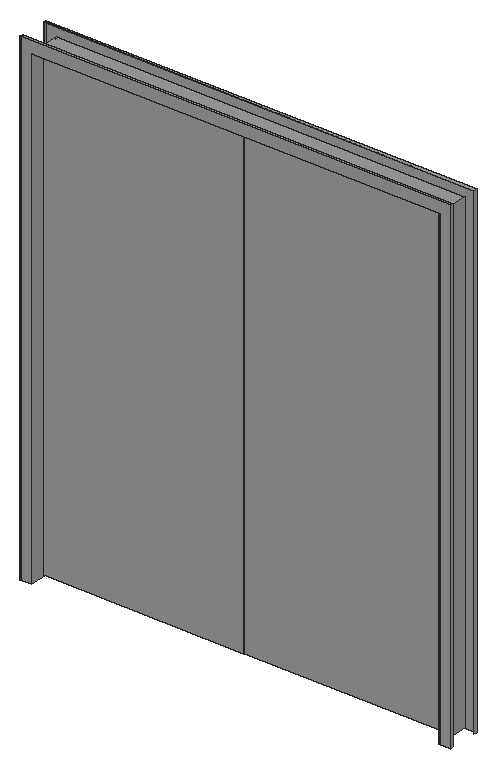
Revit family "gdlr170116_MMIDoor-COP", category Doors, host Wall, Revit 2014
Parameters (values of type "F")
  Wall Thickness [instance] = 0' - 6"
  Visual Light Transmittance = 0
  Vision Cutout = no
  Undercut [instance] = if(and(Desired Undercut > if(Nominal Height > 7' 11", 0' 0 11/16", 0' 0 1/4"), Desired Undercut < (3' 2" - 0' 4" - 0' 5 1/4")), Desired Undercut, if(Desired Undercut < 0' 0 3/4", if(Nominal Height > 7' 11", 0' 0 3/4", 0' 0 1/4"), (3' 2" - 0' 4" - 0' 5 1/4")))  # 0' - 0 3/4"
  URL = "http://mmiopenings.com/"
  Type Comments = ""
  Top Louver Blades [instance] = ((Top Cutout Height - 0' 0 11/16") / Louver Spacing)  # 3
  Narrow Cutout = no
  Top Glass = no
  Model = "COP-F"
  MMIOE HW Item VF [instance] = ""
  MMIOE HW Item MS [instance] = ""
  MMIOE HW Item LVR [instance] = ""
  MMIOE HW Item HNG [instance] = "dorma BTS75V"
  MMIOE HW Item ED [instance] = ""
  MMIOE HW Item DC [instance] = ""
  MMIOE HW Item DB [instance] = ""
  MMIOE HW Item CL [instance] = ""
  Louver Spacing [instance] = 0' - 1"  # constant formula
  Hardware Set = "01"
  Half Cutout = no
  Desired Undercut [instance] = 0' - 0 3/4"
  Desired Cutout to Top [instance] = 0' - 0"
  Desired Cutout to Strike Edge [instance] = 0' - 0"
  Desired Cutout to Bottom [instance] = 0' - 0"
  Desired Bottom Cutout Width [instance] = 0' - 0"
  Desired Bottom Cutout Height [instance] = 0' - 0"
  Description = "Flush Single Door with Cased Opening Frame"
  Bottom Louver Blades [instance] = ((Bottom Cutout Height - 0' 0 11/16") / Louver Spacing)  # 3
  Bottom Glass = no
  Bottom Cutout to Strike Edge [instance] = (Net Width - Bottom Cutout Width) / 2  # 1' - 3 5/8"
  Bottom Cutout Width [instance] = if(and((Net Width - Desired Bottom Cutout Width) > (0' 5 5/8" * 2), Desired Bottom Cutout Width > 0' 3 15/16"), Desired Bottom Cutout Width, if(Desired Bottom Cutout Width < 0' 4", 0' 4", Net Width - (0' 5 5/8" * 2)))  # 0' - 4"
  Bottom Cutout Visibility [instance] = if(Bottom Cutout, 0' 1 3/4", -0' 1 3/4")  # -0' - 1 3/4"
  Bottom Cutout Height [instance] = if(and(Desired Bottom Cutout Height < (3' 2" - 0' 5 1/4"), Desired Bottom Cutout Height > 0' 3 15/16"), Desired Bottom Cutout Height, if(Desired Bottom Cutout Height < 0' 4", 0' 4", (3' 2" - 0' 5 1/4")))  # 0' - 4"
  Bottom Cutout = no
  Full Cutout = no
  Desired Top Cutout Width [instance] = 0' - 0"
  Desired Top Cutout Height [instance] = 0' - 0"
  Cutout to Top [instance] = if(and(Desired Cutout to Top > 0' 7 13/16", Desired Cutout to Top < Nominal Height - if(Full Cutout, 0' 0 1/8" + Top Cutout Height + Undercut + 0' 5 1/4", 0' 0 1/8" + Top Cutout Height + 3' 8")), Desired Cutout to Top, if(Desired Cutout to Top < 0' 7 7/8", 0' 7 7/8", Nominal Height - 0' 0 1/8" - Top Cutout Height - if(Full Cutout, Undercut + 0' 5 1/4", 3' 8")))  # 0' - 7 7/8"
  Top Cutout to Strike Edge [instance] = if(Narrow Cutout, if(and(Desired Cutout to Strike Edge > 0' 5 5/8", Desired Cutout to Strike Edge < Net Width - Top Cutout Width - 0' 5 5/8"), Desired Cutout to Strike Edge, 0' 5 5/8"), (Net Width - Top Cutout Width) / 2)  # 1' - 3 5/8"
  Cutout to Bottom [instance] = if(and(Desired Cutout to Bottom > 0' 5 3/16", Desired Cutout to Bottom < (3' 2" - Bottom Cutout Height)), Desired Cutout to Bottom, if(Desired Cutout to Bottom < 0' 5 1/4", 0' 5 1/4", 3' 2" - Bottom Cutout Height))  # 0' - 5 1/4"
  Thickness = 0' - 1 3/4"  # constant formula
  Thermal Resistance (R) = 0.2701 (m²·K)/W
  Solar Heat Gain Coefficient = 0
  Rough Width [instance] = Nominal Width + Frame Width Inset  # 6' - 4"
  Rough Height [instance] = Nominal Height + Frame Height Inset  # 7' - 2"
  Nominal Width [instance] = if(and(Desired Nominal Width < 8' 0 1/16", Desired Nominal Width > 2' 0"), Desired Nominal Width, if(Desired Nominal Width > 8' 0 1/16", 8' 0", 2' 0"))  # 6' - 0"
  Nominal Height [instance] = if(and(Desired Nominal Height < 8' 0 1/16", Desired Nominal Height > 6' 8"), Desired Nominal Height, if(Desired Nominal Height > 8' 0 1/16", 8' 0", 6' 8"))  # 7' - 0"
  Net Width [instance] = Nominal Width / 2 - 0' 0 1/8" - 0' 0 5/8"  # 2' - 11 1/4"
  Net Height [instance] = Nominal Height - Undercut - 0' 0 1/8"  # 6' - 11 1/8"
  Masonry Frame Profile [instance] = if(Masonry, if(and(Desired Profile < 1' 1 1/2", Desired Profile > 0' 3 3/4"), Desired Profile, if(Desired Profile > 1' 1 1/2", 1' 1 1/2", 0' 3 3/4")), Wall Thickness)  # 0' - 5 3/4"
  Frame Inset [instance] = (Wall Thickness - Masonry Frame Profile) / 2  # 0' - 0 1/8"
  Masonry [instance] = yes
  Manufacturer = "Metal Maufacturing Industries"
  Lock Height [instance] = 3' 3 9/16" + 0' 0 3/4"  # 3' - 4 5/16"
  Jamb Face [instance] = 0' - 2"  # constant formula
  Inset Calculate [instance] = Frame Inset + 0' 0 1/2" + (Masonry Frame Profile / 2) - (Thickness / 2)  # 0' - 2 5/8"
  Heat Transfer Coefficient (U) = 3.7021 W/(m²·K)
  Header Face [instance] = 0' - 2"  # constant formula
  Function = Exterior
  Frame Width Inset [instance] = if(Masonry, Jamb Face * 2, 0' 2")  # 0' - 4"
  Frame Projection Ext. = 0' - 1"
  Frame Projection Int. = 0' - 1"
  Frame Width = 0' - 3"
  Height = 7' - 0"
  Wall Closure = By host
  Width = 3' - 0"
  Frame Height Inset [instance] = if(Masonry, Header Face, 0' 1")  # 0' - 2"
  Frame Finish [instance] = MMI Gray Primer
  Drywall Frame Profile [instance] = if(Masonry, Wall Thickness + 0' 1", if(Wall Thickness < 0' 8 1/2", Wall Thickness + 0' 1", 0' 9 1/2"))  # 0' - 7"
  Drywall [instance] = not(Masonry)  # no
  Door Type [instance] = "Flush"
  Door Material [instance] = "Cold Rolled"
  Door Gauge [instance] = "18"
  Door Finish [instance] = MMI Gray Primer
  Desired Profile [instance] = 0' - 5 3/4"
  Desired Nominal Width [instance] = 6' - 0"
  Desired Nominal Height [instance] = 7' - 0"
  Top Cutout Width [instance] = if(and((Net Width - Desired Top Cutout Width) > (0' 5 5/8" * 2), Desired Top Cutout Width > 0' 3 15/16"), Desired Top Cutout Width, if(Desired Top Cutout Width < 0' 4", 0' 4", Net Width - (0' 5 5/8" * 2)))  # 0' - 4"
  Top Cutout Height [instance] = if(and(Desired Top Cutout Height < (Nominal Height - 0' 8" - Undercut - 0' 5 1/4"), Desired Top Cutout Height > 0' 3 15/16"), Desired Top Cutout Height, if(Desired Top Cutout Height < 0' 4", 0' 4", Nominal Height - 0' 8" - Undercut - 0' 5 1/4"))  # 0' - 4"
  Top Cutout Visibility [instance] = if(or(or(Vision Cutout, Narrow Cutout), or(Half Cutout, Full Cutout)), 0' 1 3/4", -0' 1 3/4")  # -0' - 1 3/4"
  Core [instance] = "Honey Comb"
  Bottom Louver = no
  Backset [instance] = 0' - 2 3/4"  # constant formula
  Analytic Construction = "Metal"
  Top Louver = no
Types (11): name | Vision Cutout | Top Louver Blades | Narrow Cutout | Top Glass | Model | MMIOE HW Item VF | MMIOE HW Item LVR | Hardware Set | Half Cutout | Desired Cutout to Top | Desired Cutout to Strike Edge | Desired Cutout to Bottom | Desired Bottom Cutout Width | Desired Bottom Cutout Height | Description | Bottom Louver Blades | Bottom Glass | Bottom Cutout to Strike Edge | Bottom Cutout Width | Bottom Cutout Visibility | Bottom Cutout Height | Bottom Cutout | Full Cutout | Desired Top Cutout Width | Desired Top Cutout Height | Cutout to Top | Top Cutout to Strike Edge | Door Type | Top Cutout Width | Top Cutout Height | Top Cutout Visibility | Bottom Louver | Top Louver
  (no name) | no | 3 | no | no | "COP-F" | "" | "" | "01" | no | 0' - 0" | 0' - 0" | 0' - 0" | 0' - 0" | 0' - 0" | "Flush Single Door with Cased Opening Frame" | 3 | no | 1' - 3 5/8" | 0' - 4" | -0' - 1 3/4" | 0' - 4" | no | no | 0' - 0" | 0' - 0" | 0' - 7 7/8" | 1' - 3 5/8" | "Flush" | 0' - 4" | 0' - 4" | -0' - 1 3/4" | no | no
  F | no | 3 | no | no | "COP-F" | "" | "" | "01" | no | 0' - 0" | 0' - 0" | 0' - 0" | 0' - 0" | 0' - 0" | "Flush Single Door with Cased Opening Frame" | 3 | no | 1' - 3 5/8" | 0' - 4" | -0' - 1 3/4" | 0' - 4" | no | no | 0' - 0" | 0' - 0" | 0' - 7 7/8" | 1' - 3 5/8" | "Flush" | 0' - 4" | 0' - 4" | -0' - 1 3/4" | no | no
  HG | no | 31 | no | yes | "COP-HG" | "anemostat LOPRO" | "" | "06" | yes | 0' - 7 7/8" | 0' - 0" | 0' - 0" | 0' - 0" | 0' - 0" | "Half Glass Single Door with Cased Opening Frame" | 3 | no | 1' - 3 5/8" | 0' - 4" | -0' - 1 3/4" | 0' - 4" | no | no | 2' - 0" | 2' - 8" | 0' - 7 7/8" | 0' - 5 5/8" | "Half Glass" | 2' - 0" | 2' - 8" | 0' - 1 3/4" | no | no
  V | yes | 11 | no | yes | "COP-V" | "anemostat LOPRO" | "" | "10" | no | 0' - 7 7/8" | 0' - 0" | 0' - 0" | 0' - 0" | 0' - 0" | "Vision Single Door with Cased Opening Frame" | 3 | no | 1' - 3 5/8" | 0' - 4" | -0' - 1 3/4" | 0' - 4" | no | no | 1' - 0" | 1' - 0" | 0' - 7 7/8" | 0' - 11 5/8" | "Vision" | 1' - 0" | 1' - 0" | 0' - 1 3/4" | no | no
  NG | no | 34 | yes | yes | "COP-NG" | "anemostat LOPRO" | "" | "09" | no | 0' - 7 7/8" | 0' - 5 7/8" | 0' - 0" | 0' - 0" | 0' - 0" | "Narrow Glass Single Door with Cased Opening Frame" | 3 | no | 1' - 3 5/8" | 0' - 4" | -0' - 1 3/4" | 0' - 4" | no | no | 0' - 6" | 2' - 11" | 0' - 4 7/8" | 0' - 5 7/8" | "Narrow Glass" | 0' - 6" | 2' - 11" | 0' - 1 3/4" | no | no
  G2 | no | 31 | no | yes | "COP-G2" | "anemostat LOPRO" | "" | "04" | yes | 0' - 7 7/8" | 0' - 0" | 0' - 5 1/4" | 3' - 0" | 2' - 8" | "Double Glass Door with Cased Opening Frame" | 31 | yes | 0' - 5 5/8" | 2' - 0" | 0' - 1 3/4" | 2' - 8" | yes | no | 3' - 0" | 2' - 8" | 0' - 7 7/8" | 0' - 5 5/8" | "Double Glass" | 2' - 0" | 2' - 8" | 0' - 1 3/4" | no | no
  L2 | no | 31 | no | no | "COP-L2" | "" | "anemostat AFDL" | "08" | yes | 0' - 7 7/8" | 0' - 0" | 0' - 5 1/4" | 2' - 0" | 2' - 8" | "Double Louver Single Door with Cased Opening Frame" | 31 | no | 0' - 5 5/8" | 2' - 0" | 0' - 1 3/4" | 2' - 8" | yes | no | 2' - 0" | 2' - 8" | 0' - 7 7/8" | 0' - 5 5/8" | "Double Louver" | 2' - 0" | 2' - 8" | 0' - 1 3/4" | yes | yes
  L | no | 3 | no | no | "COP-L" | "" | "anemostat AFDL" | "07" | no | 0' - 0" | 0' - 0" | 0' - 5 1/4" | 2' - 0" | 1' - 0" | "Louver Single Door with Cased Opening Frame" | 11 | no | 0' - 5 5/8" | 2' - 0" | 0' - 1 3/4" | 1' - 0" | yes | no | 0' - 0" | 0' - 0" | 0' - 7 7/8" | 1' - 3 5/8" | "Louver" | 0' - 4" | 0' - 4" | -0' - 1 3/4" | yes | no
  GL | no | 31 | no | yes | "COP-GL" | "anemostat LOPRO" | "anemostat AFDL" | "05" | yes | 0' - 5 7/8" | 0' - 0" | 0' - 5 1/4" | 2' - 0" | 1' - 0" | "Glass & Louver Single Door with Cased Opening Frame" | 11 | no | 0' - 5 5/8" | 2' - 0" | 0' - 1 3/4" | 1' - 0" | yes | no | 2' - 0" | 2' - 8" | 0' - 7 7/8" | 0' - 5 5/8" | "Glass & Louver" | 2' - 0" | 2' - 8" | 0' - 1 3/4" | yes | no
  FL | no | 69 | no | no | "COP-FL" | "" | "anemostat AFDL" | "03" | no | 0' - 7 7/8" | 0' - 0" | 0' - 0" | 0' - 0" | 0' - 0" | "Full Louver Single Door with Cased Opening Frame" | 3 | no | 1' - 3 5/8" | 0' - 4" | -0' - 1 3/4" | 0' - 4" | no | yes | 2' - 0" | 5' - 10" | 0' - 7 7/8" | 0' - 5 5/8" | "Full Louver" | 2' - 0" | 5' - 10" | 0' - 1 3/4" | no | yes
  FG | no | 65 | no | yes | "COP-FG" | "anemostat LOPRO" | "" | "02" | no | 0' - 7 7/8" | 0' - 0" | 0' - 0" | 0' - 0" | 0' - 0" | "Full Glass Single Door with Cased Opening Frame" | 3 | no | 1' - 3 5/8" | 0' - 4" | -0' - 1 3/4" | 0' - 4" | no | yes | 2' - 0" | 5' - 6" | 0' - 7 7/8" | 0' - 5 5/8" | "Full Glass" | 2' - 0" | 5' - 6" | 0' - 1 3/4" | no | no
Reference planes (in)
  plane 1: y = 0
  plane 2 "Center (Left/Right)": x = 0
  plane 3 "Left": x = -38
  plane 4 "Right": x = 38
  plane 5: z = 86
  plane 6 "Exterior": y = 3
  plane 7 "Interior": y = -3
  plane 8: y = 3.5
  plane 9: y = -3.5
  plane 10 "Door Face": y = 0.875
Forms (in)
  Sweep 1, solid, material "MMI Gray Primer" <- "Frame Finish", visible <- "Masonry"
    path origin (-196.85039, 0, 0) x (-1, 0, 0) y (0, 0, 1)
      loop
        line (-234.85039, 0) -> (-234.85039, 86) -> (-158.85039, 86) -> (-158.85039, 0)
    profile origin (38, 0, 43) x (1, 0, 0) y (0, 1, 0)
      loop
        line (0, 2.375) -> (0, 2.875) -> (-2, 2.875) -> (-2, -2.875) -> (0, -2.875) -> (0, -2.375) -> (-0.0625, -2.375) -> (-0.0625, -2.8125) -> (-1.9375, -2.8125) -> (-1.9375, 2.8125) -> (-0.0625, 2.8125) -> (-0.0625, 2.375) -> (0, 2.375)
  Sweep 2, solid, material "MMI Gray Primer" <- "Frame Finish", visible <- "Drywall"
    path origin (-196.85039, 0, 0) x (-1, 0, 0) y (0, 0, 1)
      loop
        line (-158.85039, 0) -> (-158.85039, 86) -> (-234.85039, 86) -> (-234.85039, 0)
    profile origin (38, 0, 43) x (0, 1, 0) y (-1, 0, 0)
      loop
        line (3, -1) -> (3.5, -1) -> (3.5, 1) -> (-3.5, 1) -> (-3.5, -1) -> (-3, -1) -> (-3, -0.75) -> (-3.0625, -0.75) -> (-3.0625, -0.9375) -> (-3.4375, -0.9375) -> (-3.4375, 0.9375) -> (3.4375, 0.9375) -> (3.4375, -0.9375) -> (3.0625, -0.9375) -> (3.0625, -0.75) -> (3, -0.75) -> (3, -1)
  Extrusion 3, solid, material "MMI Gray Primer" <- "Door Finish", detail levels medium+fine
    sketch origin (10, 0.875, 0) x (1, 0, 0) y (0, 0, 1)
      loop
        line (25.375, 0.75) -> (25.375, 83.875) -> (-9.875, 83.875) -> (-9.875, 0.75) -> (25.375, 0.75)
    from 0 to 1.75
  Extrusion 4, void
    sketch origin (0, 0.875, 0) x (1, 0, 0) y (0, 0, 1)
      loop
        line (19.75, 76) -> (15.75, 76) -> (15.75, 72) -> (19.75, 72) -> (19.75, 76)
    from -0.5 to -1.75 <- "Top Cutout Visibility"
  Extrusion 5, void
    sketch origin (0, 0.875, -38) x (1, 0, 0) y (0, 0, 1)
      loop
        line (19.75, 48) -> (15.75, 48) -> (15.75, 44) -> (19.75, 44) -> (19.75, 48)
    from -0.5 to -1.75 <- "Bottom Cutout Visibility"
  Extrusion 6, solid, material "Glass", visible <- "Top Glass", detail levels fine
    sketch origin (0, 0.875, 0) x (1, 0, 0) y (0, 0, 1)
      loop
        line (19.75, 76) -> (15.75, 76) -> (15.75, 72) -> (19.75, 72) -> (19.75, 76)
    from 0.75 to 1
  Sweep 7, solid, material "Satin Chrome", visible <- "Top Glass", detail levels fine
    path origin (0, -0.125, 0) x (1, 0, 0) y (0, 0, 1)
      loop
        line (19.5, 72) -> (19.5, 76) -> (15.5, 76) -> (15.5, 72) -> (19.5, 72)
    profile origin (19.5, -0.125, 74) x (-1, 0, 0) y (0, -1, 0)
      loop
        line (-0.5, -1) -> (-0.5, -1.07813) -> (0.5, -1.07813) -> (1, -0.3125) -> (0, -0.3125) -> (0, 0.0625) -> (1, 0.0625) -> (0.5, 0.82812) -> (-0.5, 0.82812) -> (-0.5, 0.75) -> (0.45771, 0.75) -> (0.85567, 0.14062) -> (-0.07813, 0.14062) -> (-0.07813, -0.39063) -> (0.85567, -0.39063) -> (0.45771, -1) -> (-0.5, -1)
  Sweep 8, solid, material "Satin Chrome", visible <- "Bottom Glass", detail levels fine
    path origin (0, -0.125, -38) x (1, 0, 0) y (0, 0, 1)
      loop
        line (19.75, 44) -> (19.75, 48) -> (15.75, 48) -> (15.75, 44) -> (19.75, 44)
    profile origin (19.75, -0.125, 8) x (-1, 0, 0) y (0, -1, 0)
      loop
        line (-0.5, -1) -> (-0.5, -1.07813) -> (0.5, -1.07813) -> (1, -0.3125) -> (0, -0.3125) -> (0, 0.0625) -> (1, 0.0625) -> (0.5, 0.82812) -> (-0.5, 0.82812) -> (-0.5, 0.75) -> (0.45771, 0.75) -> (0.85567, 0.14062) -> (-0.07813, 0.14062) -> (-0.07813, -0.39063) -> (0.85567, -0.39063) -> (0.45771, -1) -> (-0.5, -1)
  Sweep 9, solid, material "Satin Chrome", visible <- "Bottom Louver", detail levels fine
    path origin (0, -0.125, 0) x (1, 0, 0) y (0, 0, 1)
      loop
        line (19.75, 6) -> (19.75, 10) -> (15.75, 10) -> (15.75, 6) -> (19.75, 6)
    profile origin (17.75, -0.125, 6) x (0, 0, -1) y (0, -1, 0)
      loop
        line (0.4375, 0.75) -> (0.25, 1) -> (-0.6875, 1) -> (-0.6875, 0.4375) -> (-0.125, 0.4375) -> (-0.125, -0.6875) -> (-0.6875, -0.6875) -> (-0.6875, -1.25) -> (0.25, -1.25) -> (0.4375, -1) -> (0.36914, -1) -> (0.22266, -1.19531) -> (-0.63281, -1.19531) -> (-0.63281, -0.74219) -> (-0.07031, -0.74219) -> (-0.07031, 0.49219) -> (-0.63281, 0.49219) -> (-0.63281, 0.94531) -> (0.22266, 0.94531) -> (0.36914, 0.75) -> (0.4375, 0.75)
  Sweep 10, solid, material "Satin Chrome", visible <- "Top Louver", detail levels fine
    path origin (0, -0.125, 38) x (1, 0, 0) y (0, 0, 1)
      loop
        line (19.5, 34) -> (19.5, 38) -> (15.5, 38) -> (15.5, 34) -> (19.5, 34)
    profile origin (17.5, -0.125, 72) x (0, 0, -1) y (0, -1, 0)
      loop
        line (0.4375, 0.75) -> (0.25, 1) -> (-0.6875, 1) -> (-0.6875, 0.4375) -> (-0.125, 0.4375) -> (-0.125, -0.6875) -> (-0.6875, -0.6875) -> (-0.6875, -1.25) -> (0.25, -1.25) -> (0.4375, -1) -> (0.36914, -1) -> (0.22266, -1.19531) -> (-0.63281, -1.19531) -> (-0.63281, -0.74219) -> (-0.07031, -0.74219) -> (-0.07031, 0.49219) -> (-0.63281, 0.49219) -> (-0.63281, 0.94531) -> (0.22266, 0.94531) -> (0.36914, 0.75) -> (0.4375, 0.75)
  Extrusion 11, solid, material "Satin Chrome", visible <- "Bottom Louver", detail levels fine
    sketch origin (19.75, 0.875, 6) x (0, 0, 1) y (0, 1, 0)
      loop
        line (0.6875, -0.3125) -> (0.6875, -0.35937) -> (1.10558, -0.35937) -> (1.62121, -0.875) -> (1.10558, -1.39062) -> (0.6875, -1.39062) -> (0.6875, -1.4375) -> (1.125, -1.4375) -> (1.6875, -0.875) -> (1.125, -0.3125) -> (0.6875, -0.3125)
    from 0 to 4 <- "Bottom Cutout Width"
  Extrusion 12, solid, material "Satin Chrome", visible <- "Bottom Louver", detail levels fine
    sketch origin (19.75, 0.875, 7) x (0, 0, 1) y (0, 1, 0)
      loop
        line (0.6875, -0.3125) -> (0.6875, -0.35937) -> (1.10558, -0.35937) -> (1.62121, -0.875) -> (1.10558, -1.39062) -> (0.6875, -1.39062) -> (0.6875, -1.4375) -> (1.125, -1.4375) -> (1.6875, -0.875) -> (1.125, -0.3125) -> (0.6875, -0.3125)
    from 0 to 4 <- "Bottom Cutout Width"
  Extrusion 13, solid, material "Glass", visible <- "Bottom Glass", detail levels fine
    sketch origin (0, 0.875, -38) x (1, 0, 0) y (0, 0, 1)
      loop
        line (19.75, 48) -> (15.75, 48) -> (15.75, 44) -> (19.75, 44) -> (19.75, 48)
    from 0.75 to 1
  Extrusion 14, solid, material "Satin Chrome", visible <- "Top Louver", detail levels fine
    sketch origin (19.75, 0.875, 48) x (0, 0, 1) y (0, 1, 0)
      loop
        line (26.75, -0.3125) -> (26.3125, -0.3125) -> (26.3125, -0.35937) -> (26.73058, -0.35937) -> (27.24621, -0.875) -> (26.73058, -1.39062) -> (26.3125, -1.39062) -> (26.3125, -1.4375) -> (26.75, -1.4375) -> (27.3125, -0.875) -> (26.75, -0.3125)
    from 0 to 4 <- "Top Cutout Width"
  Extrusion 15, solid, material "Satin Chrome", visible <- "Top Louver", detail levels fine
    sketch origin (19.75, 0.875, 47) x (0, 0, 1) y (0, 1, 0)
      loop
        line (26.75, -0.3125) -> (26.3125, -0.3125) -> (26.3125, -0.35937) -> (26.73058, -0.35937) -> (27.24621, -0.875) -> (26.73058, -1.39062) -> (26.3125, -1.39062) -> (26.3125, -1.4375) -> (26.75, -1.4375) -> (27.3125, -0.875) -> (26.75, -0.3125)
    from 0 to 4 <- "Top Cutout Width"
  Extrusion 16, solid, material "MMI Gray Primer" <- "Door Finish", detail levels medium+fine
    sketch origin (-10, 0.875, 0) x (-1, 0, 0) y (0, 0, -1)
      loop
        line (25.375, -0.75) -> (-9.875, -0.75) -> (-9.875, -83.875) -> (25.375, -83.875) -> (25.375, -0.75)
    from 0 to 1.75
  Extrusion 17, void
    sketch origin (18, 0.875, 47.24409) x (-1, 0, 0) y (0, 0, 1)
      loop
        line (33.75, 28.75591) -> (33.75, 24.75591) -> (37.75, 24.75591) -> (37.75, 28.75591) -> (33.75, 28.75591)
    from 0.5 to 1.75
  Extrusion 18, void
    sketch origin (18, 0.875, 47.24409) x (-1, 0, 0) y (0, 0, 1)
      loop
        line (33.75, -37.24409) -> (33.75, -41.24409) -> (37.75, -41.24409) -> (37.75, -37.24409) -> (33.75, -37.24409)
    from 0.5 to 1.75
  Sweep 19, solid, material "Satin Chrome", visible <- "Bottom Glass", detail levels fine
    path origin (-36, -0.125, -38) x (1, 0, 0) y (0, 0, 1)
      loop
        line (20.25, 44) -> (20.25, 48) -> (16.25, 48) -> (16.25, 44) -> (20.25, 44)
    profile origin (-15.75, -0.125, 8) x (-1, 0, 0) y (0, -1, 0)
      loop
        line (-0.5, -1) -> (-0.5, -1.07813) -> (0.5, -1.07813) -> (1, -0.3125) -> (0, -0.3125) -> (0, 0.0625) -> (1, 0.0625) -> (0.5, 0.82812) -> (-0.5, 0.82812) -> (-0.5, 0.75) -> (0.45771, 0.75) -> (0.85567, 0.14062) -> (-0.07813, 0.14062) -> (-0.07813, -0.39063) -> (0.85567, -0.39063) -> (0.45771, -1) -> (-0.5, -1)
  Sweep 20, solid, material "Satin Chrome", visible <- "Bottom Louver", detail levels fine
    path origin (-26.49832, -0.125, 33.82146) x (1, 0, 0) y (0, 0, 1)
      loop
        line (10.74832, -27.82146) -> (10.74832, -23.82146) -> (6.74832, -23.82146) -> (6.74832, -27.82146) -> (10.74832, -27.82146)
    profile origin (-17.75, -0.125, 6) x (0, 0, -1) y (0, -1, 0)
      loop
        line (0.4375, 0.75) -> (0.25, 1) -> (-0.6875, 1) -> (-0.6875, 0.4375) -> (-0.125, 0.4375) -> (-0.125, -0.6875) -> (-0.6875, -0.6875) -> (-0.6875, -1.25) -> (0.25, -1.25) -> (0.4375, -1) -> (0.36914, -1) -> (0.22266, -1.19531) -> (-0.63281, -1.19531) -> (-0.63281, -0.74219) -> (-0.07031, -0.74219) -> (-0.07031, 0.49219) -> (-0.63281, 0.49219) -> (-0.63281, 0.94531) -> (0.22266, 0.94531) -> (0.36914, 0.75) -> (0.4375, 0.75)
  Extrusion 21, solid, material "Glass", visible <- "Bottom Glass", detail levels fine
    sketch origin (-36, 0.875, -38) x (1, 0, 0) y (0, 0, 1)
      loop
        line (20.25, 48) -> (16.25, 48) -> (16.25, 44) -> (20.25, 44) -> (20.25, 48)
    from 0.75 to 1
  Sweep 22, solid, material "Satin Chrome", visible <- "Top Glass", detail levels fine
    path origin (-36, -0.125, 28) x (1, 0, 0) y (0, 0, 1)
      loop
        line (20.25, 44) -> (20.25, 48) -> (16.25, 48) -> (16.25, 44) -> (20.25, 44)
    profile origin (-15.75, -0.125, 74) x (-1, 0, 0) y (0, -1, 0)
      loop
        line (-0.5, -1) -> (-0.5, -1.07813) -> (0.5, -1.07813) -> (1, -0.3125) -> (0, -0.3125) -> (0, 0.0625) -> (1, 0.0625) -> (0.5, 0.82812) -> (-0.5, 0.82812) -> (-0.5, 0.75) -> (0.45771, 0.75) -> (0.85567, 0.14062) -> (-0.07813, 0.14062) -> (-0.07813, -0.39063) -> (0.85567, -0.39063) -> (0.45771, -1) -> (-0.5, -1)
  Sweep 23, solid, material "Satin Chrome", visible <- "Top Louver", detail levels fine
    path origin (-36, -0.125, 66) x (1, 0, 0) y (0, 0, 1)
      loop
        line (20.25, 6) -> (20.25, 10) -> (16.25, 10) -> (16.25, 6) -> (20.25, 6)
    profile origin (-17.75, -0.125, 72) x (0, 0, -1) y (0, -1, 0)
      loop
        line (0.4375, 0.75) -> (0.25, 1) -> (-0.6875, 1) -> (-0.6875, 0.4375) -> (-0.125, 0.4375) -> (-0.125, -0.6875) -> (-0.6875, -0.6875) -> (-0.6875, -1.25) -> (0.25, -1.25) -> (0.4375, -1) -> (0.36914, -1) -> (0.22266, -1.19531) -> (-0.63281, -1.19531) -> (-0.63281, -0.74219) -> (-0.07031, -0.74219) -> (-0.07031, 0.49219) -> (-0.63281, 0.49219) -> (-0.63281, 0.94531) -> (0.22266, 0.94531) -> (0.36914, 0.75) -> (0.4375, 0.75)
  Extrusion 24, solid, material "Glass", visible <- "Top Glass", detail levels fine
    sketch origin (-36, 0.875, 28) x (1, 0, 0) y (0, 0, 1)
      loop
        line (20.25, 48) -> (16.25, 48) -> (16.25, 44) -> (20.25, 44) -> (20.25, 48)
    from 0.75 to 1
  Extrusion 25, solid, material "Satin Chrome", visible <- "Top Louver", detail levels fine
    sketch origin (-15.75, 0.875, 72) x (0, 0, 1) y (0, 1, 0)
      loop
        line (2.3125, -0.35937) -> (2.73058, -0.35937) -> (3.24621, -0.875) -> (2.73058, -1.39062) -> (2.3125, -1.39062) -> (2.3125, -1.4375) -> (2.75, -1.4375) -> (3.3125, -0.875) -> (2.75, -0.3125) -> (2.3125, -0.3125) -> (2.3125, -0.35937)
    from 0 to 4 <- "Top Cutout Width"
  Extrusion 26, solid, material "Satin Chrome", visible <- "Top Louver", detail levels fine
    sketch origin (-15.75, 0.875, 71) x (0, 0, 1) y (0, 1, 0)
      loop
        line (2.3125, -0.35937) -> (2.73058, -0.35937) -> (3.24621, -0.875) -> (2.73058, -1.39062) -> (2.3125, -1.39062) -> (2.3125, -1.4375) -> (2.75, -1.4375) -> (3.3125, -0.875) -> (2.75, -0.3125) -> (2.3125, -0.3125) -> (2.3125, -0.35937)
    from 0 to 4 <- "Top Cutout Width"
  Extrusion 27, solid, material "Satin Chrome", visible <- "Bottom Louver", detail levels fine
    sketch origin (-15.75, -0.1875, 6) x (0, 0, 1) y (0, 1, 0)
      loop
        line (0.6875, 0.75) -> (0.6875, 0.70313) -> (1.10558, 0.70313) -> (1.62121, 0.1875) -> (1.10558, -0.32812) -> (0.6875, -0.32812) -> (0.6875, -0.375) -> (1.125, -0.375) -> (1.6875, 0.1875) -> (1.125, 0.75) -> (0.6875, 0.75)
    from 0 to 4 <- "Bottom Cutout Width"
  Extrusion 28, solid, material "Satin Chrome", visible <- "Bottom Louver", detail levels fine
    sketch origin (-15.75, -0.1875, 7) x (0, 0, 1) y (0, 1, 0)
      loop
        line (0.6875, 0.75) -> (0.6875, 0.70313) -> (1.10558, 0.70313) -> (1.62121, 0.1875) -> (1.10558, -0.32812) -> (0.6875, -0.32812) -> (0.6875, -0.375) -> (1.125, -0.375) -> (1.6875, 0.1875) -> (1.125, 0.75) -> (0.6875, 0.75)
    from 0 to 4 <- "Bottom Cutout Width"
  Extrusion 29, solid, material "Satin Chrome", visible <- "Bottom Louver", detail levels fine
    sketch origin (19.75, 0.875, 8) x (0, 0, 1) y (0, 1, 0)
      loop
        line (0.6875, -0.3125) -> (0.6875, -0.35937) -> (1.10558, -0.35937) -> (1.62121, -0.875) -> (1.10558, -1.39062) -> (0.6875, -1.39062) -> (0.6875, -1.4375) -> (1.125, -1.4375) -> (1.6875, -0.875) -> (1.125, -0.3125) -> (0.6875, -0.3125)
    from 0 to 4 <- "Bottom Cutout Width"
  Extrusion 30, solid, material "Satin Chrome", visible <- "Top Louver", detail levels fine
    sketch origin (19.75, 0.875, 46) x (0, 0, 1) y (0, 1, 0)
      loop
        line (26.75, -0.3125) -> (26.3125, -0.3125) -> (26.3125, -0.35937) -> (26.73058, -0.35937) -> (27.24621, -0.875) -> (26.73058, -1.39062) -> (26.3125, -1.39062) -> (26.3125, -1.4375) -> (26.75, -1.4375) -> (27.3125, -0.875) -> (26.75, -0.3125)
    from 0 to 4 <- "Top Cutout Width"
  Extrusion 31, solid, material "Satin Chrome", visible <- "Top Louver", detail levels fine
    sketch origin (-15.75, 0.875, 70) x (0, 0, 1) y (0, 1, 0)
      loop
        line (2.3125, -0.35937) -> (2.73058, -0.35937) -> (3.24621, -0.875) -> (2.73058, -1.39062) -> (2.3125, -1.39062) -> (2.3125, -1.4375) -> (2.75, -1.4375) -> (3.3125, -0.875) -> (2.75, -0.3125) -> (2.3125, -0.3125) -> (2.3125, -0.35937)
    from 0 to 4 <- "Top Cutout Width"
  Extrusion 32, solid, material "Satin Chrome", visible <- "Bottom Louver", detail levels fine
    sketch origin (-15.75, -0.1875, 8) x (0, 0, 1) y (0, 1, 0)
      loop
        line (0.6875, 0.75) -> (0.6875, 0.70313) -> (1.10558, 0.70313) -> (1.62121, 0.1875) -> (1.10558, -0.32812) -> (0.6875, -0.32812) -> (0.6875, -0.375) -> (1.125, -0.375) -> (1.6875, 0.1875) -> (1.125, 0.75) -> (0.6875, 0.75)
    from 0 to 4 <- "Bottom Cutout Width"
Cuts and joins
  Extrusion 4, Extrusion 5 cuts Extrusion 3
  Extrusion 17, Extrusion 18 cuts Extrusion 16
Lines and regions (in)
  Opening 1
    outline origin (-120.07874, -3, 0) x (1, 0, 0) y (0, 0, 1)
      loop
        line (82.07874, 0) -> (158.07874, 0) -> (158.07874, 86) -> (82.07874, 86) -> (82.07874, 0)
  symbolic lines, style "DoorsPanelProjection"
    curve 1: line (35.375, 0.875, 0) -> (33.625, 0.875, 0)
    curve 2: line (35.375, 36.125, 0) -> (35.375, 0.875, 0)
    curve 3: line (33.625, 36.125, 0) -> (35.375, 36.125, 0)
    curve 4: line (33.625, 0.875, 0) -> (33.625, 36.125, 0)
    curve 8: line (-35.375, 0.875, 0) -> (-33.625, 0.875, 0)
    curve 9: line (-35.375, 36.125, 0) -> (-35.375, 0.875, 0)
    curve 10: line (-33.625, 36.125, 0) -> (-35.375, 36.125, 0)
    curve 11: line (-33.625, 0.875, 0) -> (-33.625, 36.125, 0)
    curve 15: line (35.375, -36.125, 0) -> (35.375, -0.875, 0)
    curve 17: line (-35.375, -36.125, 0) -> (-35.375, -0.875, 0)
  symbolic lines, style "Plan Swing"
    curve 5: arc (35.375, 36.125, 0) -> (10.44949, 25.80051, 0) -> (0.125, 0.875, 0) r 35.25
    curve 12: arc (-35.375, 36.125, 0) -> (-10.44949, 25.80051, 0) -> (-0.125, 0.875, 0) r 35.25
    curve 16: arc (35.375, -36.125, 0) -> (10.44949, -25.80051, 0) -> (0.125, -0.875, 0) r 35.25
    curve 18: arc (-35.375, -36.125, 0) -> (-10.44949, -25.80051, 0) -> (-0.125, -0.875, 0) r 35.25
  symbolic lines, style "Elevation Swing"
    curve 6: line (35.875, 0.875, 83.875) -> (0.125, 0.875, 39.72743)
    curve 7: line (0.125, 0.875, 39.72743) -> (35.875, 0.875, 0.75)
    curve 13: line (-35.875, 0.875, 83.875) -> (-0.125, 0.875, 39.72743)
    curve 14: line (-0.125, 0.875, 39.72743) -> (-35.875, 0.875, 0.75)
Text (in)
  text "Exterior" at (-90.35496, 43.28909, 0), in view "Ref. Level"
  text "Exterior" at (0, 63.59764, 145.59372), in view "Left"
  text "Exterior" at (0, 40.78868, 152.55637), in view "Right"
Dimensions and locks (in)
  equal spacing: plane 3 "Left", plane 2 "Center (Left/Right)", plane 4 "Right"
  "Rough Width": plane 3 "Left" to plane 4 "Right"
  host wall to plane 5 = 7' - 2"
  "Rough Height": host wall to plane 5
  locked: plane 6 "Exterior" to host wall at 0
  locked: plane 7 "Interior" to host wall
  equal spacing: Sweep 1 sketch curve, profile plane, Sweep 1 sketch curve
  profile plane to Sweep 2 sketch curve = 0' - 1"
  Sweep 2 sketch curve to Sweep 2 sketch curve = 0' - 2"
  Sweep 2 sketch curve to Sweep 2 sketch curve = 0' - 0 1/4"
  Sweep 2 sketch curve to Sweep 2 sketch curve = 0' - 0 1/2"
  equal spacing: Sweep 2 sketch curve, profile plane, Sweep 2 sketch curve
  equal spacing: Sweep 1, plane 2 "Center (Left/Right)", Sweep 1
  "Frame Inset": Sweep 1 to plane 6 "Exterior"
  "Inset Calculate": plane 10 "Door Face" to plane 8
  plane 6 "Exterior" to plane 8 = 0' - 0 1/2"
  "Undercut": level to Extrusion 3 sketch curve
  "Net Width": Extrusion 3 sketch curve to Extrusion 3 sketch curve
  "Net Height": Extrusion 3 sketch curve to Extrusion 3 sketch curve
  "Thickness": curve 4 to curve 2
  "Net Width": curve 3 to curve 1
  "Wall Thickness": host wall to host wall
  "Drywall Frame Profile": Sweep 2 to Sweep 2
  "Masonry Frame Profile": Sweep 1 to Sweep 1
  "Top Cutout Width": Extrusion 4 sketch curve to Extrusion 4 sketch curve
  "Top Cutout Height": Extrusion 4 sketch curve to Extrusion 4 sketch curve
  "Bottom Cutout Width": Extrusion 5 sketch curve to Extrusion 5 sketch curve
  "Bottom Cutout Height": Extrusion 5 sketch curve to Extrusion 5 sketch curve
  equal spacing: group 1, group 2, group 9  (x3)
  equal spacing: group 3, group 4, group 10  (x2)
  equal spacing: group 10, group 4, group 3
  "Louver Spacing": Extrusion 15 to Extrusion 14
  "Louver Spacing": Extrusion 11 to Extrusion 12
  "Top Cutout to Strike Edge": Extrusion 4 sketch curve to cut or joined group of Extrusion 3, Extrusion 4, Extrusion 5
  "Bottom Cutout to Strike Edge": Extrusion 5 sketch curve to cut or joined group of Extrusion 3, Extrusion 4, Extrusion 5
  "Cutout to Top": Extrusion 4 sketch curve to cut or joined group of Extrusion 3, Extrusion 4, Extrusion 5
  "Net Width": Extrusion 16 sketch curve to Extrusion 16 sketch curve
  "Net Height": Extrusion 16 sketch curve to Extrusion 16 sketch curve
  "Thickness": curve 11 to curve 9
  "Net Width": curve 10 to curve 8
  "Top Cutout to Strike Edge": cut or joined group of Extrusion 16, Extrusion 17, Extrusion 18 to Extrusion 17 sketch curve
  "Cutout to Top": Extrusion 17 sketch curve to cut or joined group of Extrusion 16, Extrusion 17, Extrusion 18
  "Top Cutout Height": Extrusion 17 sketch curve to Extrusion 17 sketch curve
  "Top Cutout Width": Extrusion 17 sketch curve to Extrusion 17 sketch curve
  "Bottom Cutout Width": Extrusion 18 sketch curve to Extrusion 18 sketch curve
  "Bottom Cutout Height": Extrusion 18 sketch curve to Extrusion 18 sketch curve
  "Bottom Cutout to Strike Edge": cut or joined group of Extrusion 16, Extrusion 17, Extrusion 18 to Extrusion 18 sketch curve
  "Bottom Cutout to Strike Edge": cut or joined group of Extrusion 16, Extrusion 17, Extrusion 18 to Sweep 20 sketch curve
  "Bottom Cutout Width": Sweep 20 sketch curve to Sweep 20 sketch curve
  "Bottom Cutout Height": Sweep 20 sketch curve to Sweep 20 sketch curve
  equal spacing: group 5, group 6, group 11  (x2)
  equal spacing: group 11, group 6, group 5
  locked: Extrusion 25 to Sweep 23 at 1
  "Louver Spacing": Extrusion 26 to Extrusion 25
  equal spacing: group 7, group 8, group 12  (x3)
  "Louver Spacing": Extrusion 27 to Extrusion 28
  "Cutout to Bottom": cut or joined group of Extrusion 3, Extrusion 4, Extrusion 5 to Extrusion 5
  "Cutout to Bottom": cut or joined group of Extrusion 16, Extrusion 17, Extrusion 18 to Extrusion 18
  "Undercut": level to cut or joined group of Extrusion 16, Extrusion 17, Extrusion 18
  "Net Width": radius of curve 5
  "Net Width": radius of curve 12
  "Net Width": radius of curve 16
  "Net Width": radius of curve 18
  aligned and locked: plane 3 "Left" to Opening 1 sketch curve
  aligned and locked: plane 5 to Opening 1 sketch curve  (x2)
  aligned and locked: Opening 1 sketch curve to plane 4 "Right"
  aligned and locked: Opening 1 sketch curve to level
  aligned and locked: plane 1 to host wall
  aligned and locked: Sweep 2 sketch curve to plane 6 "Exterior"
  aligned and locked: curve 2 to Extrusion 3
  aligned and locked: Sweep 7 sketch curve to Extrusion 4  (x2)
  aligned and locked: Sweep 8 sketch curve to Extrusion 5  (x4)
  aligned and locked: Extrusion 5 to Sweep 9 sketch curve  (x2)
  aligned and locked: Extrusion 4 to Sweep 10 sketch curve
  aligned and locked: Sweep 10 sketch curve to Extrusion 4
  aligned and locked: cut or joined group of Extrusion 3, Extrusion 4, Extrusion 5 to Extrusion 11  (x2)
  aligned and locked: cut or joined group of Extrusion 3, Extrusion 4, Extrusion 5 to Extrusion 12  (x2)
  aligned and locked: Extrusion 6 sketch curve to cut or joined group of Extrusion 3, Extrusion 4, Extrusion 5  (x4)
  aligned and locked: cut or joined group of Extrusion 3, Extrusion 4, Extrusion 5 to Extrusion 14  (x2)
  aligned and locked: Extrusion 14 to Sweep 10  (x2)
  aligned and locked: Extrusion 11 to Sweep 9
  aligned and locked: Extrusion 14 to Extrusion 15  (x3)
  aligned and locked: Extrusion 13 to Sweep 8  (x3)
  aligned and locked: Extrusion 14 to cut or joined group of Extrusion 3, Extrusion 4, Extrusion 5  (x2)
  aligned and locked: curve 9 to Extrusion 16
  aligned and locked: Extrusion 4 to Extrusion 17  (x3)
  aligned and locked: Extrusion 17 to Extrusion 4  (x4)
  aligned and locked: Extrusion 18 to Extrusion 5
  aligned and locked: Extrusion 5 to Extrusion 18
  aligned and locked: Extrusion 21 to Sweep 19  (x3)
  aligned and locked: Extrusion 24 to Sweep 22  (x3)
  aligned and locked: Sweep 19 sketch curve to Extrusion 18  (x4)
  aligned and locked: Sweep 22 sketch curve to Extrusion 17  (x4)
  aligned and locked: Sweep 23 sketch curve to Extrusion 17  (x4)
  aligned and locked: Extrusion 21 sketch curve to Extrusion 18  (x4)
  aligned and locked: Extrusion 24 sketch curve to Extrusion 17  (x4)
  aligned and locked: Extrusion 17 to Extrusion 25  (x2)
  aligned and locked: Extrusion 25 to Extrusion 26  (x2)
  aligned and locked: Extrusion 25 to Sweep 10
  aligned and locked: Extrusion 14 to Sweep 23
  aligned and locked: Extrusion 15 to Extrusion 14
  aligned and locked: Extrusion 12 to Extrusion 11
  aligned and locked: Sweep 20 to Sweep 9
  aligned and locked: Extrusion 11 to Sweep 20
  aligned and locked: Sweep 19 to Extrusion 27
  aligned and locked: Extrusion 28 to Extrusion 27
  aligned and locked: Extrusion 27 to Sweep 20  (x2)
  aligned and locked: Extrusion 28 to Sweep 20
  aligned and locked: Sweep 9 sketch curve to Extrusion 5  (x2)
  aligned and locked: Extrusion 13 sketch curve to Extrusion 5  (x4)
  aligned and locked: curve 15 to cut or joined group of Extrusion 3, Extrusion 4, Extrusion 5
  aligned and locked: Sweep 20 sketch curve to Extrusion 18
  aligned and locked: cut or joined group of Extrusion 3, Extrusion 4, Extrusion 5 to curve 15
Automatic sketch dimensions
  Extrusion 11 sketch curve to Extrusion 11 sketch curve = 0' - 0.41808"  (x2)
  Extrusion 11 sketch curve to Extrusion 11 sketch curve = 0' - 0"  (x2)
  Extrusion 11 sketch curve to Extrusion 11 sketch curve = 0' - 0.01942"  (x2)
  Extrusion 11 sketch curve to Extrusion 11 sketch curve = 0' - 0 33/64"  (x2)
  Extrusion 11 sketch curve to Extrusion 11 sketch curve = 0' - 0.06629"
  Extrusion 11 sketch curve to Extrusion 11 sketch curve = 0' - 0 3/64"
  Extrusion 12 sketch curve to Extrusion 12 sketch curve = 0' - 0.41808"  (x2)
  Extrusion 12 sketch curve to Extrusion 12 sketch curve = 0' - 0"  (x2)
  Extrusion 12 sketch curve to Extrusion 12 sketch curve = 0' - 0.01942"  (x2)
  Extrusion 12 sketch curve to Extrusion 12 sketch curve = 0' - 0 33/64"  (x2)
  Extrusion 12 sketch curve to Extrusion 12 sketch curve = 0' - 0.06629"
  Extrusion 12 sketch curve to Extrusion 12 sketch curve = 0' - 0 3/64"
  Extrusion 14 sketch curve to Extrusion 14 sketch curve = 0' - 0.41808"  (x2)
  Extrusion 14 sketch curve to Extrusion 14 sketch curve = 0' - 0"  (x2)
  Extrusion 14 sketch curve to Extrusion 14 sketch curve = 0' - 0.01942"  (x2)
  Extrusion 14 sketch curve to Extrusion 14 sketch curve = 0' - 0 33/64"  (x2)
  Extrusion 14 sketch curve to Extrusion 14 sketch curve = 0' - 0.06629"
  Extrusion 14 sketch curve to Extrusion 14 sketch curve = 0' - 0 3/64"
  Extrusion 15 sketch curve to Extrusion 15 sketch curve = 0' - 0.41808"  (x2)
  Extrusion 15 sketch curve to Extrusion 15 sketch curve = 0' - 0"  (x2)
  Extrusion 15 sketch curve to Extrusion 15 sketch curve = 0' - 0.01942"  (x2)
  Extrusion 15 sketch curve to Extrusion 15 sketch curve = 0' - 0 33/64"  (x2)
  Extrusion 15 sketch curve to Extrusion 15 sketch curve = 0' - 0.06629"
  Extrusion 15 sketch curve to Extrusion 15 sketch curve = 0' - 0 3/64"
  Extrusion 25 sketch curve to Extrusion 25 sketch curve = 0' - 0"  (x2)
  Extrusion 25 sketch curve to Extrusion 25 sketch curve = 0' - 0.41808"  (x2)
  Extrusion 25 sketch curve to Extrusion 25 sketch curve = 0' - 0.01942"  (x2)
  Extrusion 25 sketch curve to Extrusion 25 sketch curve = 0' - 0 33/64"  (x2)
  Extrusion 25 sketch curve to Extrusion 25 sketch curve = 0' - 0.06629"
  Extrusion 25 sketch curve to Extrusion 25 sketch curve = 0' - 0 3/64"
  Extrusion 26 sketch curve to Extrusion 26 sketch curve = 0' - 0"  (x2)
  Extrusion 26 sketch curve to Extrusion 26 sketch curve = 0' - 0.41808"  (x2)
  Extrusion 26 sketch curve to Extrusion 26 sketch curve = 0' - 0.01942"  (x2)
  Extrusion 26 sketch curve to Extrusion 26 sketch curve = 0' - 0 33/64"  (x2)
  Extrusion 26 sketch curve to Extrusion 26 sketch curve = 0' - 0.06629"
  Extrusion 26 sketch curve to Extrusion 26 sketch curve = 0' - 0 3/64"
  Extrusion 27 sketch curve to Extrusion 27 sketch curve = 0' - 0.41808"  (x2)
  Extrusion 27 sketch curve to Extrusion 27 sketch curve = 0' - 0 3/64"  (x2)
  Extrusion 27 sketch curve to Extrusion 27 sketch curve = 0' - 0 33/64"  (x2)
  Extrusion 27 sketch curve to Extrusion 27 sketch curve = 0' - 0.06629"
  Extrusion 27 sketch curve to Extrusion 27 sketch curve = 0' - 0.01942"
  Extrusion 27 sketch curve to Extrusion 27 sketch curve = 0' - 0"  (x2)
  Extrusion 28 sketch curve to Extrusion 28 sketch curve = 0' - 0.41808"  (x2)
  Extrusion 28 sketch curve to Extrusion 28 sketch curve = 0' - 0 3/64"  (x2)
  Extrusion 28 sketch curve to Extrusion 28 sketch curve = 0' - 0 33/64"  (x2)
  Extrusion 28 sketch curve to Extrusion 28 sketch curve = 0' - 0.06629"
  Extrusion 28 sketch curve to Extrusion 28 sketch curve = 0' - 0.01942"
  Extrusion 28 sketch curve to Extrusion 28 sketch curve = 0' - 0"  (x2)
  Extrusion 29 sketch curve to Extrusion 29 sketch curve = 0' - 0.41808"  (x2)
  Extrusion 29 sketch curve to Extrusion 29 sketch curve = 0' - 0"  (x2)
  Extrusion 29 sketch curve to Extrusion 29 sketch curve = 0' - 0.01942"  (x2)
  Extrusion 29 sketch curve to Extrusion 29 sketch curve = 0' - 0 33/64"  (x2)
  Extrusion 29 sketch curve to Extrusion 29 sketch curve = 0' - 0.06629"
  Extrusion 29 sketch curve to Extrusion 29 sketch curve = 0' - 0 3/64"
  Extrusion 30 sketch curve to Extrusion 30 sketch curve = 0' - 0.41808"  (x2)
  Extrusion 30 sketch curve to Extrusion 30 sketch curve = 0' - 0"  (x2)
  Extrusion 30 sketch curve to Extrusion 30 sketch curve = 0' - 0.01942"  (x2)
  Extrusion 30 sketch curve to Extrusion 30 sketch curve = 0' - 0 33/64"  (x2)
  Extrusion 30 sketch curve to Extrusion 30 sketch curve = 0' - 0.06629"
  Extrusion 30 sketch curve to Extrusion 30 sketch curve = 0' - 0 3/64"
  Extrusion 31 sketch curve to Extrusion 31 sketch curve = 0' - 0"  (x2)
  Extrusion 31 sketch curve to Extrusion 31 sketch curve = 0' - 0.41808"  (x2)
  Extrusion 31 sketch curve to Extrusion 31 sketch curve = 0' - 0.01942"  (x2)
  Extrusion 31 sketch curve to Extrusion 31 sketch curve = 0' - 0 33/64"  (x2)
  Extrusion 31 sketch curve to Extrusion 31 sketch curve = 0' - 0.06629"
  Extrusion 31 sketch curve to Extrusion 31 sketch curve = 0' - 0 3/64"
  Extrusion 32 sketch curve to Extrusion 32 sketch curve = 0' - 0.41808"  (x2)
  Extrusion 32 sketch curve to Extrusion 32 sketch curve = 0' - 0 3/64"  (x2)
  Extrusion 32 sketch curve to Extrusion 32 sketch curve = 0' - 0 33/64"  (x2)
  Extrusion 32 sketch curve to Extrusion 32 sketch curve = 0' - 0.06629"
  Extrusion 32 sketch curve to Extrusion 32 sketch curve = 0' - 0.01942"
  Extrusion 32 sketch curve to Extrusion 32 sketch curve = 0' - 0"  (x2)
  plane 10 "Door Face" to curve 12 = 0' - 0"
  plane 10 "Door Face" to curve 1 = 0' - 0"
  host wall to curve 18 = 0' - 0 7/8"
  curve 18 to curve 12 = 0' - 0"
  plane 4 "Right" to Sweep 1 sketch curve = 0' - 0"
  plane 3 "Left" to Sweep 1 sketch curve = 0' - 0"
  Sweep 1 sketch curve to level = 0' - 0"  (x2)
  Sweep 1 sketch curve to plane 5 = 0' - 0"
  Sweep 1 sketch curve to profile plane = 0' - 0"  (x2)
  profile plane to Sweep 1 sketch curve = 0' - 0 1/16"  (x2)
  Sweep 1 sketch curve to Sweep 1 sketch curve = 0' - 1 7/8"
  Sweep 1 sketch curve to Sweep 1 sketch curve = 0' - 0 1/16"  (x3)
  Sweep 1 sketch curve to profile plane = 0' - 2 7/8"
  Sweep 1 sketch curve to Sweep 1 sketch curve = 0' - 0 7/16"
  Sweep 1 sketch curve to Sweep 1 sketch curve = 0' - 0 1/2"
  Sweep 2 sketch curve to level = 0' - 0"  (x2)
  plane 4 "Right" to Sweep 2 sketch curve = 0' - 0"
  plane 3 "Left" to Sweep 2 sketch curve = 0' - 0"
  Sweep 2 sketch curve to plane 5 = 0' - 0"
  Sweep 2 sketch curve to Sweep 2 sketch curve = 0' - 0 1/16"  (x7)
  Sweep 2 sketch curve to Sweep 2 sketch curve = 0' - 0 3/8"
  profile plane to Sweep 2 sketch curve = 0' - 1"
  Sweep 2 sketch curve to Sweep 2 sketch curve = 0' - 0 3/16"
  plane 2 "Center (Left/Right)" to Extrusion 3 sketch curve = 0' - 0 1/8"
  curve 14 to plane 2 "Center (Left/Right)" = 0' - 0 1/8"
  plane 2 "Center (Left/Right)" to curve 7 = 0' - 0 1/8"
  level to curve 7 = 3' - 3.72743"
  curve 14 to curve 6 = 0' - 0"
  level to curve 14 = 0' - 0 3/4"
  curve 14 to plane 3 "Left" = 0' - 2 1/8"
  curve 13 to plane 3 "Left" = 0' - 2 1/8"
  level to curve 7 = 0' - 0 3/4"
  plane 4 "Right" to curve 7 = 0' - 2 1/8"
  plane 4 "Right" to curve 6 = 0' - 2 1/8"
  plane 5 to curve 13 = 0' - 2 1/8"
  plane 5 to curve 6 = 0' - 2 1/8"
  level to Extrusion 5 sketch curve = 0' - 6"
  Extrusion 6 to Sweep 7 sketch curve = 0' - 0 1/4"
  Sweep 7 sketch curve to Extrusion 6 = 0' - 0 1/4"
  Sweep 7 sketch curve to profile plane = 0' - 0"
  profile plane to Sweep 7 sketch curve = 0' - 0 5/64"
  profile plane to Sweep 7 sketch curve = 0' - 0 1/2"  (x2)
  Sweep 7 sketch curve to profile plane = 0' - 0.45771"  (x2)
  Sweep 7 sketch curve to Sweep 7 sketch curve = 0' - 0.04229"  (x2)
  Sweep 7 sketch curve to profile plane = 0' - 0 25/64"
  Sweep 7 sketch curve to Sweep 7 sketch curve = 0' - 0.39796"
  profile plane to Sweep 7 sketch curve = 0' - 0 9/64"
  Sweep 7 sketch curve to Sweep 7 sketch curve = 0' - 0"
  Sweep 7 sketch curve to profile plane = 0' - 0 5/16"
  Sweep 7 sketch curve to Sweep 7 sketch curve = 0' - 0.14433"  (x2)
  profile plane to Sweep 7 sketch curve = 0' - 0 1/16"
  Sweep 7 sketch curve to Sweep 7 sketch curve = 0' - 0 39/64"  (x2)
  Sweep 7 sketch curve to Sweep 7 sketch curve = 0' - 0 5/64"  (x2)
  Sweep 8 sketch curve to profile plane = 0' - 0"
  profile plane to Sweep 8 sketch curve = 0' - 0 5/64"
  profile plane to Sweep 8 sketch curve = 0' - 0 1/2"  (x2)
  Sweep 8 sketch curve to profile plane = 0' - 0.45771"  (x2)
  Sweep 8 sketch curve to Sweep 8 sketch curve = 0' - 0.04229"  (x2)
  Sweep 8 sketch curve to profile plane = 0' - 0 25/64"
  Sweep 8 sketch curve to Sweep 8 sketch curve = 0' - 0.39796"
  profile plane to Sweep 8 sketch curve = 0' - 0 9/64"
  Sweep 8 sketch curve to Sweep 8 sketch curve = 0' - 0"
  Sweep 8 sketch curve to profile plane = 0' - 0 5/16"
  Sweep 8 sketch curve to Sweep 8 sketch curve = 0' - 0.14433"  (x2)
  profile plane to Sweep 8 sketch curve = 0' - 0 1/16"
  Sweep 8 sketch curve to Sweep 8 sketch curve = 0' - 0 39/64"  (x2)
  Sweep 8 sketch curve to Sweep 8 sketch curve = 0' - 0 5/64"  (x2)
  profile plane to Sweep 9 sketch curve = 0' - 0 11/16"  (x2)
  Sweep 9 sketch curve to Sweep 9 sketch curve = 0' - 0 7/128"  (x6)
  profile plane to Sweep 9 sketch curve = 0' - 0 1/8"
  profile plane to Sweep 9 sketch curve = 0' - 0 9/128"
  Sweep 9 sketch curve to profile plane = 0' - 0 57/256"  (x2)
  Sweep 9 sketch curve to Sweep 9 sketch curve = 0' - 0 7/256"  (x2)
  Sweep 9 sketch curve to Sweep 9 sketch curve = 0' - 0.14648"  (x2)
  Sweep 9 sketch curve to Sweep 9 sketch curve = 0' - 0.06836"  (x2)
  Sweep 9 sketch curve to profile plane = 0' - 1 1/4"
  Sweep 9 sketch curve to Sweep 9 sketch curve = 0' - 0 25/128"  (x2)
  Sweep 9 sketch curve to Sweep 9 sketch curve = 0' - 0 33/128"  (x2)
  profile plane to Sweep 9 sketch curve = 0' - 0 7/16"
  Extrusion 6 to Sweep 10 sketch curve = 0' - 0 1/4"
  Sweep 10 sketch curve to Extrusion 6 = 0' - 0 1/4"
  profile plane to Sweep 10 sketch curve = 0' - 0 11/16"  (x2)
  Sweep 10 sketch curve to Sweep 10 sketch curve = 0' - 0 7/128"  (x6)
  profile plane to Sweep 10 sketch curve = 0' - 0 1/8"
  profile plane to Sweep 10 sketch curve = 0' - 0 9/128"
  Sweep 10 sketch curve to profile plane = 0' - 0 57/256"  (x2)
  Sweep 10 sketch curve to Sweep 10 sketch curve = 0' - 0 7/256"  (x2)
  Sweep 10 sketch curve to Sweep 10 sketch curve = 0' - 0.14648"  (x2)
  Sweep 10 sketch curve to Sweep 10 sketch curve = 0' - 0.06836"  (x2)
  Sweep 10 sketch curve to profile plane = 0' - 1 1/4"
  Sweep 10 sketch curve to Sweep 10 sketch curve = 0' - 0 25/128"  (x2)
  Sweep 10 sketch curve to Sweep 10 sketch curve = 0' - 0 33/128"  (x2)
  profile plane to Sweep 10 sketch curve = 0' - 0 7/16"
  plane 2 "Center (Left/Right)" to Extrusion 16 sketch curve = 0' - 0 1/8"
  Extrusion 16 sketch curve to level = 0' - 0 3/4"
  Sweep 19 sketch curve to profile plane = 0' - 0"
  profile plane to Sweep 19 sketch curve = 0' - 0 5/64"
  profile plane to Sweep 19 sketch curve = 0' - 0 1/2"  (x2)
  Sweep 19 sketch curve to profile plane = 0' - 0.45771"  (x2)
  Sweep 19 sketch curve to Sweep 19 sketch curve = 0' - 0.04229"  (x2)
  Sweep 19 sketch curve to profile plane = 0' - 0 25/64"
  Sweep 19 sketch curve to Sweep 19 sketch curve = 0' - 0.39796"
  profile plane to Sweep 19 sketch curve = 0' - 0 9/64"
  Sweep 19 sketch curve to Sweep 19 sketch curve = 0' - 0"
  Sweep 19 sketch curve to profile plane = 0' - 0 5/16"
  Sweep 19 sketch curve to Sweep 19 sketch curve = 0' - 0.14433"  (x2)
  profile plane to Sweep 19 sketch curve = 0' - 0 1/16"
  Sweep 19 sketch curve to Sweep 19 sketch curve = 0' - 0 39/64"  (x2)
  Sweep 19 sketch curve to Sweep 19 sketch curve = 0' - 0 5/64"  (x2)
  profile plane to Sweep 20 sketch curve = 0' - 0 11/16"  (x2)
  Sweep 20 sketch curve to Sweep 20 sketch curve = 0' - 0 7/128"  (x6)
  profile plane to Sweep 20 sketch curve = 0' - 0 1/8"
  profile plane to Sweep 20 sketch curve = 0' - 0 9/128"
  Sweep 20 sketch curve to profile plane = 0' - 0 57/256"  (x2)
  Sweep 20 sketch curve to Sweep 20 sketch curve = 0' - 0 7/256"  (x2)
  Sweep 20 sketch curve to Sweep 20 sketch curve = 0' - 0.14648"  (x2)
  Sweep 20 sketch curve to Sweep 20 sketch curve = 0' - 0.06836"  (x2)
  Sweep 20 sketch curve to profile plane = 0' - 1 1/4"
  Sweep 20 sketch curve to Sweep 20 sketch curve = 0' - 0 25/128"  (x2)
  Sweep 20 sketch curve to Sweep 20 sketch curve = 0' - 0 33/128"  (x2)
  profile plane to Sweep 20 sketch curve = 0' - 0 7/16"
  Sweep 22 sketch curve to profile plane = 0' - 0"
  profile plane to Sweep 22 sketch curve = 0' - 0 5/64"
  profile plane to Sweep 22 sketch curve = 0' - 0 1/2"  (x2)
  Sweep 22 sketch curve to profile plane = 0' - 0.45771"  (x2)
  Sweep 22 sketch curve to Sweep 22 sketch curve = 0' - 0.04229"  (x2)
  Sweep 22 sketch curve to profile plane = 0' - 0 25/64"
  Sweep 22 sketch curve to Sweep 22 sketch curve = 0' - 0.39796"
  profile plane to Sweep 22 sketch curve = 0' - 0 9/64"
  Sweep 22 sketch curve to Sweep 22 sketch curve = 0' - 0"
  Sweep 22 sketch curve to profile plane = 0' - 0 5/16"
  Sweep 22 sketch curve to Sweep 22 sketch curve = 0' - 0.14433"  (x2)
  profile plane to Sweep 22 sketch curve = 0' - 0 1/16"
  Sweep 22 sketch curve to Sweep 22 sketch curve = 0' - 0 39/64"  (x2)
  Sweep 22 sketch curve to Sweep 22 sketch curve = 0' - 0 5/64"  (x2)
  profile plane to Sweep 23 sketch curve = 0' - 0 11/16"  (x2)
  Sweep 23 sketch curve to Sweep 23 sketch curve = 0' - 0 7/128"  (x6)
  profile plane to Sweep 23 sketch curve = 0' - 0 1/8"
  profile plane to Sweep 23 sketch curve = 0' - 0 9/128"
  Sweep 23 sketch curve to profile plane = 0' - 0 57/256"  (x2)
  Sweep 23 sketch curve to Sweep 23 sketch curve = 0' - 0 7/256"  (x2)
  Sweep 23 sketch curve to Sweep 23 sketch curve = 0' - 0.14648"  (x2)
  Sweep 23 sketch curve to Sweep 23 sketch curve = 0' - 0.06836"  (x2)
  Sweep 23 sketch curve to profile plane = 0' - 1 1/4"
  Sweep 23 sketch curve to Sweep 23 sketch curve = 0' - 0 25/128"  (x2)
  Sweep 23 sketch curve to Sweep 23 sketch curve = 0' - 0 33/128"  (x2)
  profile plane to Sweep 23 sketch curve = 0' - 0 7/16"
  level to Extrusion 18 sketch curve = 0' - 6"
  curve 15 to curve 16 = 0' - 0"
  curve 17 to curve 18 = 0' - 0"
